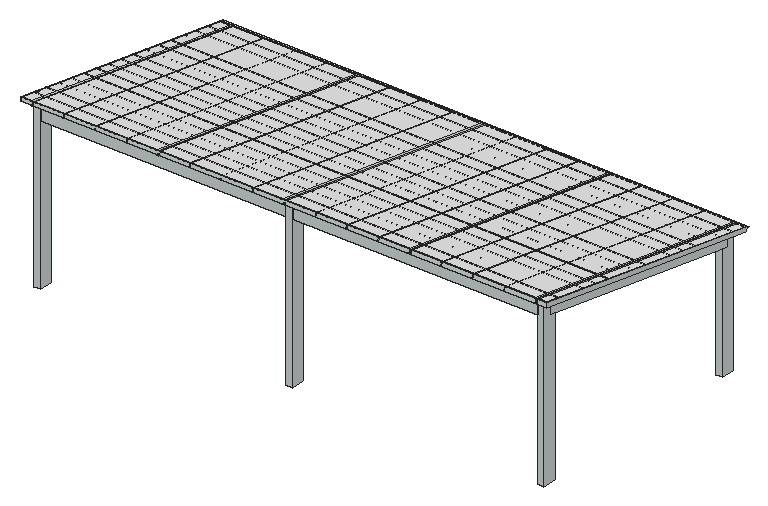
Revit family "Structures Unlimited Free Standing Shed Canopy", category Generic Models, Revit 2018 (continued)
Definition of nested family "Free Standing Shed Canopy Column"
  Dimensions and locks (in)
    aligned and locked: Sweep 3 sketch curve to plane 48
    aligned and locked: Sweep 3 sketch curve to plane 49
    aligned and locked: Sweep 3 sketch curve to plane 50
    aligned and locked: Sweep 3 sketch curve to plane 51
    aligned and locked: plane 53 to Sweep 3 sketch curve  (x19)
    aligned and locked: Sweep 3 sketch curve to plane 52  (x18)
    aligned and locked: plane 52 to Sweep 3 sketch curve
    aligned and locked: Sweep 3 sketch curve to profile plane
    aligned and locked: plane 54 to Sweep 3 sketch curve
    aligned and locked: Extrusion 2 sketch curve to curve 1
    aligned and locked: curve 2 to Extrusion 2 sketch curve
  Automatic sketch dimensions
    plane 11 to curve 2 = 1' - 6.93784"
Definition of nested family "Free Standing Shed Canopy Rafter"
  Parameters (values of type "Free Standing Shed Canopy Rafter")
    Width Of Canopy [instance] = 10' - 0"
    Void Width [instance] = Column Spacing - Beam Width  # 7' - 7"
    Void Offset [instance] = Column Spacing / 2  # 4' - 0"
    Roof Pitch [instance] = 10.00°
    Half Beam Width [instance] = Beam Width / 2  # 0' - 2 1/2"
    Half Beam Height [instance] = Beam Height / 2  # 0' - 7 1/2"
    Column Spacing [instance] = 8' - 0"
    Column Height [instance] = 8' - 0"
    CTR To CTR Of Beams [instance] = 12' - 6"
    CRF [instance] = none
    Beam Width [instance] = 0' - 5"
    Beam Height [instance] = 1' - 3"
  Reference planes (in)
    plane 1 "Center (Front/Back)": y = 0
    plane 2: z = 0
    plane 3 "Center (Left/Right)": x = 0
    plane 4: y = 150
    plane 5: y = -2.5
    plane 6: y = 152.5
    plane 7: x = 112.5
    plane 8: x = -7.5
    plane 9: x = 7.5
    plane 10: x = 97.5
    plane 11: z = 96
    plane 12: x = -2.5
    plane 13: x = 107.5
    plane 14: z = 85.26345
    plane 15: y = 144
    plane 16: y = 336
    plane 17: y = 528
    plane 18: y = 240
    plane 19: y = 48
    plane 20: y = 432
    plane 21: y = 624
    plane 22: y = 720
    plane 23: y = 816
    plane 24: y = 912
    plane 25: y = 1008
    plane 26: y = 1104
    plane 27: y = 1200
    plane 28: y = 1296
    plane 29: y = 1392
    plane 30: y = 1488
    plane 31: y = 1680
    plane 32: y = 1872
    plane 33: y = 1968
    plane 34: y = 1776
    plane 35: y = 1584
    plane 36: y = 2064
    plane 37: y = 2160
    plane 38: y = 2256
    plane 39: y = 2352
    plane 40: y = 2448
    plane 41: y = 2640
    plane 42: y = 2832
    plane 43: y = 3024
    plane 44: y = 2928
    plane 45: y = 2736
    plane 46: y = 2544
    plane 47: y = 3120
    plane 48: y = 3216
    plane 49: y = 3312
    plane 50: y = 3408
    plane 51: y = 3504
    plane 52: x = -750
    plane 53: x = 2000
    plane 54: z = 1200
  Forms (in)
    Sweep 1, void
      path origin (0, 0, 0) x (1, 0, 0) y (0, 1, 0)
        loop
          line (-750, 3504) -> (2000, 3504) -> (2000, 3408) -> (-750, 3408) -> (-750, 3312) -> (2000, 3312) -> (2000, 3216) -> (-750, 3216) -> (-750, 3120) -> (2000, 3120) -> (2000, 3024) -> (-750, 3024) -> (-750, 2928) -> (2000, 2928) -> (2000, 2832) -> (-750, 2832) -> (-750, 2736) -> (2000, 2736) -> (2000, 2640) -> (-750, 2640) -> (-750, 2544) -> (2000, 2544) -> (2000, 2448) -> (-750, 2448) -> (-750, 2352) -> (2000, 2352) -> (2000, 2256) -> (-750, 2256) -> (-750, 2160) -> (2000, 2160) -> (2000, 2064) -> (-750, 2064) -> (-750, 1968) -> (2000, 1968) -> (2000, 1872) -> (-750, 1872) -> (-750, 1776) -> (2000, 1776) -> (2000, 1680) -> (-750, 1680) -> (-750, 1584) -> (2000, 1584) -> (2000, 1488) -> (-750, 1488) -> (-750, 1392) -> (2000, 1392) -> (2000, 1296) -> (-750, 1296) -> (-750, 1200) -> (2000, 1200) -> (2000, 1104) -> (-750, 1104) -> (-750, 1008) -> (2000, 1008) -> (2000, 912) -> (-750, 912) -> (-750, 816) -> (2000, 816) -> (2000, 720) -> (-750, 720) -> (-750, 624) -> (2000, 624) -> (2000, 528) -> (-750, 528) -> (-750, 432) -> (2000, 432) -> (2000, 336) -> (-750, 336) -> (-750, 240) -> (2000, 240) -> (2000, 144) -> (-750, 144) -> (-750, 48) -> (2000, 48)
      profile origin (625, 48, 0) x (0, 1, 0) y (0, 0, 1)
        loop
          line (-45.5, 0) -> (45.5, 0) -> (45.5, 1200) -> (-45.5, 1200) -> (-45.5, 0)
    Extrusion 2, solid, material <- "CRF"
      sketch origin (0, 0, 0) x (1, 0, 0) y (0, 0, 1)
        loop
          line (-2.5, 81.65024) -> (107.5, 101.0462) -> (107.5, 116.2776) -> (-2.5, 96.88163) -> (-2.5, 81.65024)
      from 2.5 to -152.5
  Cuts and joins
    Sweep 1 cuts Extrusion 2
  Lines and regions (in)
    reference lines
      curve 1: line (-7.5, 0, 96) -> (98.85924, 0, 114.754)
      curve 2: line (-138.7032, 0, 57.63394) -> (186.28336, 0, 114.93784)
  Dimensions and locks (in)
    "CTR To CTR Of Beams": plane 1 "Center (Front/Back)" to plane 4
    "Half Beam Width": plane 5 to plane 1 "Center (Front/Back)"
    "Half Beam Width": plane 6 to plane 4
    equal spacing: plane 8, plane 3 "Center (Left/Right)", plane 9
    "Beam Height": plane 8 to plane 9
    "Width Of Canopy": plane 8 to plane 7
    "Beam Height": plane 10 to plane 7
    "Column Height": plane 11 to plane 2
    locked: curve 1 to plane 11
    locked: plane 8 to curve 1 at 0
    "Beam Height": curve 2 to curve 1
    "Beam Width": plane 12 to plane 8
    "Beam Width": plane 13 to plane 7
    "Void Offset": plane 1 "Center (Front/Back)" to plane 19
    "Column Spacing": plane 17 to plane 20 to plane 16 to plane 18 to plane 15 to plane 19
    "Column Spacing": plane 30 to plane 29 to plane 28 to plane 27 to plane 26 to plane 25 to plane 24 to plane 23 to plane 22 to plane 21 to plane 17
    "Column Spacing": plane 30 to plane 35 to plane 31 to plane 34 to plane 32 to plane 33 to plane 36 to plane 37 to plane 38 to plane 39 to plane 40 to plane 46 to plane 41 to plane 45 to plane 42 to plane 44 to plane 43
    "Column Spacing": plane 51 to plane 50 to plane 49 to plane 48 to plane 47 to plane 43
    locked: plane 3 "Center (Left/Right)" to plane 53 at 2000
    locked: plane 52 to plane 3 "Center (Left/Right)" at 750
    locked: plane 54 to plane 2 at 1200
    equal spacing: Sweep 1 sketch curve, profile plane, Sweep 1 sketch curve
    "Void Width": Sweep 1 sketch curve to Sweep 1 sketch curve
    "Roof Pitch": angle plane 2 to curve 1
    "Roof Pitch": angle plane 2 to curve 2
    aligned and locked: plane 2 to level
    aligned and locked: Sweep 1 sketch curve to plane 19
    aligned and locked: Sweep 1 sketch curve to plane 15
    aligned and locked: Sweep 1 sketch curve to plane 18
    aligned and locked: Sweep 1 sketch curve to plane 16
    aligned and locked: Sweep 1 sketch curve to plane 20
    aligned and locked: Sweep 1 sketch curve to plane 17
    aligned and locked: Sweep 1 sketch curve to plane 21
    aligned and locked: Sweep 1 sketch curve to plane 22
    aligned and locked: Sweep 1 sketch curve to plane 23
    aligned and locked: Sweep 1 sketch curve to plane 24
    aligned and locked: Sweep 1 sketch curve to plane 25
    aligned and locked: Sweep 1 sketch curve to plane 26
    aligned and locked: Sweep 1 sketch curve to plane 27
    aligned and locked: Sweep 1 sketch curve to plane 28
    aligned and locked: Sweep 1 sketch curve to plane 29
    aligned and locked: Sweep 1 sketch curve to plane 30
    aligned and locked: Sweep 1 sketch curve to plane 35
    aligned and locked: Sweep 1 sketch curve to plane 31
    aligned and locked: Sweep 1 sketch curve to plane 34
    aligned and locked: Sweep 1 sketch curve to plane 32
    aligned and locked: Sweep 1 sketch curve to plane 33
    aligned and locked: Sweep 1 sketch curve to plane 36
    aligned and locked: Sweep 1 sketch curve to plane 37
    aligned and locked: Sweep 1 sketch curve to plane 38
    aligned and locked: Sweep 1 sketch curve to plane 39
    aligned and locked: Sweep 1 sketch curve to plane 40
    aligned and locked: Sweep 1 sketch curve to plane 46
    aligned and locked: Sweep 1 sketch curve to plane 41
    aligned and locked: Sweep 1 sketch curve to plane 45
    aligned and locked: Sweep 1 sketch curve to plane 42
    aligned and locked: Sweep 1 sketch curve to plane 44
    aligned and locked: Sweep 1 sketch curve to plane 43
    aligned and locked: Sweep 1 sketch curve to plane 47
    aligned and locked: Sweep 1 sketch curve to plane 48
    aligned and locked: Sweep 1 sketch curve to plane 49
    aligned and locked: Sweep 1 sketch curve to plane 50
    aligned and locked: Sweep 1 sketch curve to plane 51
    aligned and locked: plane 53 to Sweep 1 sketch curve  (x19)
    aligned and locked: Sweep 1 sketch curve to plane 52  (x18)
    aligned and locked: plane 52 to Sweep 1 sketch curve
    aligned and locked: Sweep 1 sketch curve to profile plane
    aligned and locked: plane 54 to Sweep 1 sketch curve
    aligned and locked: curve 2 to Extrusion 2 sketch curve
    aligned and locked: curve 1 to Extrusion 2 sketch curve
    aligned and locked: Extrusion 2 sketch curve to plane 12
    aligned and locked: Extrusion 2 sketch curve to plane 13
    aligned and locked: Extrusion 2 to plane 5
    aligned and locked: plane 6 to Extrusion 2
  Automatic sketch dimensions
    plane 11 to curve 2 = 1' - 6.93784"
Types (14): name | KCRF
  (no name) | KCRF Aluminum #79
  KCRF Aluminum #79 | KCRF Aluminum #79
  KCRF Banner Red #90 | KCRF Banner Red #90
  KCRF Black #95 | KCRF Black #95
  KCRF Blue #15 | KCRF Blue #15
  KCRF Bone White #21B | KCRF Bone White #21B
  KCRF Brick #88 | KCRF Brick #88
  KCRF Bronze #85 | KCRF Bronze #85
  KCRF Coro Blue #48 | KCRF Coro Blue #48
  KCRF Gray #80 | KCRF Gray #80
  KCRF Hartford Green #75 | KCRF Hartford Green #75
  KCRF Minuette #03 | KCRF Minuette #03
  KCRF Mountain Green #70 | KCRF Mountain Green #70
  KCRF White #00 | KCRF White #00
